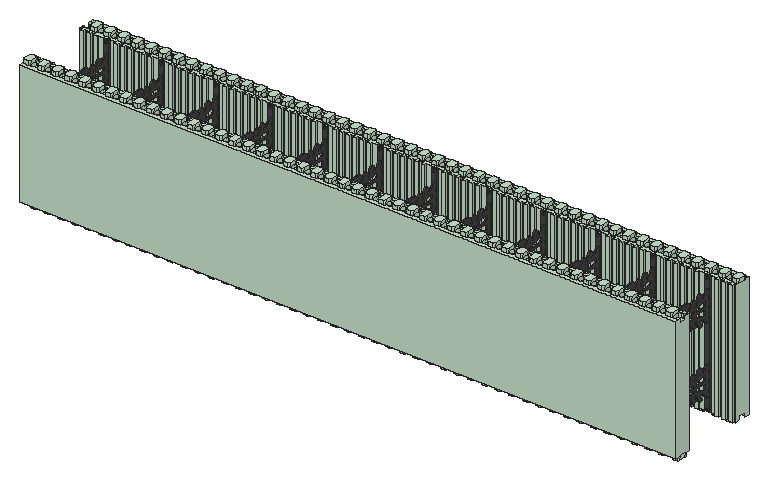
Revit family (continued)
Definition of nested family "8-inch Web"
  Forms (mm)
    Extrusion 1, solid, material "Polypropylene"
      sketch origin (0, 0, -12.7) x (0, 1, 0) y (0, 0, 1)
        loop
          arc (95.969, 373.112) -> (94.847, 373.576) -> (94.382, 374.699) r 1.588
          line (94.382, 374.699) -> (94.382, 388.288)
          arc (94.382, 388.288) -> (94.847, 389.411) -> (95.969, 389.876) r 1.588
          line (95.969, 389.876) -> (97.423, 389.876) -> (97.423, 391.654) -> (94.509, 391.654)
          arc (94.509, 391.654) -> (72.674, 386.593) -> (50.693, 382.216) r 717.627
          arc (50.693, 382.216) -> (49.199, 381.344) -> (48.61, 379.717) r 2.54
          line (48.61, 379.717) -> (48.61, 369.944)
          arc (48.61, 369.944) -> (49.353, 368.149) -> (51.148, 367.404) r 2.54
          line (51.148, 367.404) -> (80.47, 367.385)
          arc (80.47, 367.385) -> (86.338, 368.419) -> (91.877, 370.614) r 29.457
        loop
          line (94.509, 338.314) -> (97.423, 338.314) -> (97.423, 340.092) -> (95.969, 340.092)
          arc (95.969, 340.092) -> (94.847, 340.556) -> (94.382, 341.679) r 1.588
          line (94.382, 341.679) -> (94.382, 355.268)
          arc (94.382, 355.268) -> (94.847, 356.391) -> (95.969, 356.856) r 1.588
          line (95.969, 356.856) -> (97.423, 356.856) -> (97.423, 358.634) -> (94.509, 358.634)
          arc (94.509, 358.634) -> (93.148, 358.829) -> (91.877, 359.353) r 5.556
          arc (91.877, 359.353) -> (86.338, 361.548) -> (80.47, 362.582) r 29.457
          line (80.47, 362.582) -> (51.148, 362.582)
          arc (51.148, 362.582) -> (49.353, 361.818) -> (48.61, 360.023) r 2.54
          line (48.61, 360.023) -> (48.61, 350.25)
          arc (48.61, 350.25) -> (49.199, 348.623) -> (50.693, 347.751) r 2.54
          arc (50.693, 347.751) -> (72.674, 343.374) -> (94.509, 338.314) r 717.627
        loop
          line (106.299, 457.58) -> (106.299, 463.9)
          arc (106.299, 463.9) -> (106.194, 463.513) -> (105.907, 463.233) r 0.762
          line (105.907, 463.233) -> (101.611, 460.847)
          arc (101.611, 460.847) -> (101.324, 460.567) -> (101.219, 460.181) r 0.762
          line (101.219, 460.181) -> (101.219, 458.372)
          arc (101.219, 458.372) -> (101.378, 458.003) -> (101.755, 457.865) r 0.508
          line (101.755, 457.865) -> (105.763, 458.087)
          arc (105.763, 458.087) -> (106.14, 457.949) -> (106.299, 457.58) r 0.508
        loop
          arc (-106.299, 457.58) -> (-106.14, 457.949) -> (-105.763, 458.087) r 0.508
          line (-105.763, 458.087) -> (-101.755, 457.865)
          arc (-101.755, 457.865) -> (-101.378, 458.003) -> (-101.219, 458.372) r 0.508
          line (-101.219, 458.372) -> (-101.219, 460.181)
          arc (-101.219, 460.181) -> (-101.324, 460.567) -> (-101.611, 460.847) r 0.762
          line (-101.611, 460.847) -> (-105.907, 463.233)
          arc (-105.907, 463.233) -> (-106.194, 463.513) -> (-106.299, 463.9) r 0.762
          line (-106.299, 463.9) -> (-106.299, 457.58)
        loop
          arc (41.723, 380.637) -> (34.623, 379.635) -> (27.46, 379.308) r 75.792
          line (27.46, 379.308) -> (11.029, 379.308)
          arc (11.029, 379.308) -> (5.078, 373.356) -> (11.029, 367.404) r 5.952
          line (11.029, 367.404) -> (42.196, 367.404)
          arc (42.196, 367.404) -> (43.992, 368.148) -> (44.736, 369.944) r 2.54
          line (44.736, 369.944) -> (44.736, 378.141)
          arc (44.736, 378.141) -> (43.816, 380.098) -> (41.723, 380.637) r 2.54
        loop
          arc (41.723, 349.33) -> (43.816, 349.87) -> (44.736, 351.826) r 2.54
          line (44.736, 351.826) -> (44.736, 360.023)
          arc (44.736, 360.023) -> (43.992, 361.819) -> (42.196, 362.563) r 2.54
          line (42.196, 362.563) -> (11.029, 362.563)
          arc (11.029, 362.563) -> (5.078, 356.611) -> (11.029, 350.659) r 5.952
          line (11.029, 350.659) -> (27.46, 350.659)
          arc (27.46, 350.659) -> (34.623, 350.333) -> (41.723, 349.33) r 75.792
        loop
          arc (-91.877, 370.614) -> (-86.338, 368.419) -> (-80.47, 367.385) r 29.457
          line (-80.47, 367.385) -> (-51.148, 367.404)
          arc (-51.148, 367.404) -> (-49.353, 368.149) -> (-48.61, 369.944) r 2.54
          line (-48.61, 369.944) -> (-48.61, 379.717)
          arc (-48.61, 379.717) -> (-49.199, 381.344) -> (-50.693, 382.216) r 2.54
          arc (-50.693, 382.216) -> (-72.674, 386.593) -> (-94.509, 391.654) r 717.627
          line (-94.509, 391.654) -> (-97.423, 391.654) -> (-97.423, 389.876) -> (-95.969, 389.876)
          arc (-95.969, 389.876) -> (-94.847, 389.411) -> (-94.382, 388.288) r 1.588
          line (-94.382, 388.288) -> (-94.382, 374.699)
          arc (-94.382, 374.699) -> (-94.847, 373.576) -> (-95.969, 373.112) r 1.588
          line (-95.969, 373.112) -> (-97.423, 373.112) -> (-97.423, 371.334) -> (-94.509, 371.334)
          arc (-94.509, 371.334) -> (-93.148, 371.138) -> (-91.877, 370.614) r 5.556
        loop
          arc (-94.509, 338.314) -> (-72.674, 343.374) -> (-50.693, 347.751) r 717.627
          arc (-50.693, 347.751) -> (-49.199, 348.623) -> (-48.61, 350.25) r 2.54
          line (-48.61, 350.25) -> (-48.61, 360.023)
          arc (-48.61, 360.023) -> (-49.353, 361.818) -> (-51.148, 362.582) r 2.54
          line (-51.148, 362.582) -> (-80.47, 362.582)
          arc (-80.47, 362.582) -> (-86.338, 361.548) -> (-91.877, 359.353) r 29.457
          arc (-91.877, 359.353) -> (-93.148, 358.829) -> (-94.509, 358.634) r 5.556
          line (-94.509, 358.634) -> (-97.423, 358.634) -> (-97.423, 356.856) -> (-95.969, 356.856)
          arc (-95.969, 356.856) -> (-94.847, 356.391) -> (-94.382, 355.268) r 1.588
          line (-94.382, 355.268) -> (-94.382, 341.679)
          arc (-94.382, 341.679) -> (-94.847, 340.556) -> (-95.969, 340.092) r 1.588
          line (-95.969, 340.092) -> (-97.423, 340.092) -> (-97.423, 338.314) -> (-94.509, 338.314)
        loop
          arc (-41.723, 380.637) -> (-43.816, 380.098) -> (-44.736, 378.141) r 2.54
          line (-44.736, 378.141) -> (-44.736, 369.944)
          arc (-44.736, 369.944) -> (-43.992, 368.148) -> (-42.196, 367.404) r 2.54
          line (-42.196, 367.404) -> (-11.029, 367.404)
          arc (-11.029, 367.404) -> (-5.078, 373.356) -> (-11.029, 379.308) r 5.952
          line (-11.029, 379.308) -> (-27.46, 379.308)
          arc (-27.46, 379.308) -> (-34.623, 379.635) -> (-41.723, 380.637) r 75.792
        loop
          arc (-41.723, 349.33) -> (-34.623, 350.333) -> (-27.46, 350.659) r 75.792
          line (-27.46, 350.659) -> (-11.029, 350.659)
          arc (-11.029, 350.659) -> (-5.078, 356.611) -> (-11.029, 362.563) r 5.952
          line (-11.029, 362.563) -> (-42.196, 362.563)
          arc (-42.196, 362.563) -> (-43.992, 361.819) -> (-44.736, 360.023) r 2.54
          line (-44.736, 360.023) -> (-44.736, 351.826)
          arc (-44.736, 351.826) -> (-43.816, 349.87) -> (-41.723, 349.33) r 2.54
        loop
          line (102.129, 90.946) -> (99.32, 90.946) -> (99.32, 92.724) -> (104.712, 92.724)
          arc (104.712, 92.724) -> (105.834, 92.26) -> (106.299, 91.137) r 1.587
          line (106.299, 91.137) -> (106.299, 111.076)
          arc (106.299, 111.076) -> (105.834, 109.953) -> (104.712, 109.488) r 1.587
          line (104.712, 109.488) -> (99.32, 109.488) -> (99.32, 111.266) -> (102.129, 111.266) -> (102.129, 123.966) -> (99.32, 123.966) -> (99.32, 125.744) -> (104.712, 125.744)
          arc (104.712, 125.744) -> (105.834, 125.28) -> (106.299, 124.157) r 1.587
          line (106.299, 124.157) -> (106.299, 144.096)
          arc (106.299, 144.096) -> (105.834, 142.973) -> (104.712, 142.508) r 1.587
          line (104.712, 142.508) -> (99.32, 142.508) -> (99.32, 144.286) -> (102.129, 144.286) -> (102.129, 156.986) -> (99.32, 156.986) -> (99.32, 158.764) -> (104.712, 158.764)
          arc (104.712, 158.764) -> (105.834, 158.3) -> (106.299, 157.177) r 1.588
          line (106.299, 157.177) -> (106.299, 172.407) -> (104.542, 172.407)
          arc (104.542, 172.407) -> (101.901, 169.792) -> (98.615, 168.053) r 12.7
          arc (98.615, 168.053) -> (95.547, 165.733) -> (94.382, 162.066) r 6.35
          line (94.382, 162.066) -> (94.382, 160.352)
          arc (94.382, 160.352) -> (94.847, 159.229) -> (95.969, 158.764) r 1.588
          line (95.969, 158.764) -> (97.423, 158.764) -> (97.423, 156.986) -> (94.523, 156.986)
          arc (94.523, 156.986) -> (90.146, 157.611) -> (85.945, 158.987) r 25.331
          arc (85.945, 158.987) -> (83.358, 158.431) -> (82.775, 155.849) r 2.458
          arc (82.775, 155.849) -> (71.305, 147.203) -> (71.754, 161.56) r 7.964
          arc (71.754, 161.56) -> (74.867, 168.824) -> (67.603, 171.936) r 5.588
          arc (67.603, 171.936) -> (61.567, 168.057) -> (57.64, 162.051) r 17.187
          arc (57.64, 162.051) -> (55.373, 154.194) -> (54.194, 146.103) r 60.065
          arc (54.194, 146.103) -> (41.863, 139.83) -> (42.74, 153.637) r 7.964
          arc (42.74, 153.637) -> (44.734, 160.936) -> (37.571, 163.372) r 5.521
          arc (37.571, 163.372) -> (32.372, 159.475) -> (28.785, 154.058) r 19.048
          line (28.785, 154.058) -> (25.162, 144.233)
          arc (25.162, 144.233) -> (12.317, 139.962) -> (14.2, 153.366) r 7.964
          arc (14.2, 153.366) -> (18.676, 160.072) -> (13.614, 166.347) r 6.808
          arc (13.614, 166.347) -> (7.646, 167.547) -> (1.57, 167.923) r 44.552
          arc (1.57, 167.923) -> (0.785, 167.921) -> (0, 167.906) r 44.552
          arc (0, 167.906) -> (-0.785, 167.921) -> (-1.57, 167.923) r 44.552
          arc (-1.57, 167.923) -> (-7.646, 167.547) -> (-13.614, 166.347) r 44.552
          arc (-13.614, 166.347) -> (-18.676, 160.072) -> (-14.2, 153.366) r 6.808
          arc (-14.2, 153.366) -> (-12.317, 139.962) -> (-25.162, 144.233) r 7.964
          line (-25.162, 144.233) -> (-28.785, 154.058)
          arc (-28.785, 154.058) -> (-32.372, 159.475) -> (-37.571, 163.372) r 19.048
          arc (-37.571, 163.372) -> (-44.734, 160.936) -> (-42.74, 153.637) r 5.521
          arc (-42.74, 153.637) -> (-41.863, 139.83) -> (-54.194, 146.103) r 7.964
          arc (-54.194, 146.103) -> (-55.373, 154.194) -> (-57.64, 162.051) r 60.065
          arc (-57.64, 162.051) -> (-61.567, 168.057) -> (-67.603, 171.936) r 17.187
          arc (-67.603, 171.936) -> (-74.867, 168.824) -> (-71.754, 161.56) r 5.588
          arc (-71.754, 161.56) -> (-71.305, 147.203) -> (-82.775, 155.849) r 7.964
          arc (-82.775, 155.849) -> (-83.358, 158.431) -> (-85.945, 158.987) r 2.458
          arc (-85.945, 158.987) -> (-90.146, 157.611) -> (-94.523, 156.986) r 25.331
          line (-94.523, 156.986) -> (-97.423, 156.986) -> (-97.423, 158.764) -> (-95.969, 158.764)
          arc (-95.969, 158.764) -> (-94.847, 159.229) -> (-94.382, 160.352) r 1.588
          line (-94.382, 160.352) -> (-94.382, 162.066)
          arc (-94.382, 162.066) -> (-95.547, 165.733) -> (-98.615, 168.053) r 6.35
          arc (-98.615, 168.053) -> (-101.901, 169.792) -> (-104.542, 172.407) r 12.7
          line (-104.542, 172.407) -> (-106.299, 172.407) -> (-106.299, 157.177)
          arc (-106.299, 157.177) -> (-105.834, 158.3) -> (-104.712, 158.764) r 1.588
          line (-104.712, 158.764) -> (-99.32, 158.764) -> (-99.32, 156.986) -> (-102.129, 156.986) -> (-102.129, 144.286) -> (-99.32, 144.286) -> (-99.32, 142.508) -> (-104.712, 142.508)
          arc (-104.712, 142.508) -> (-105.834, 142.973) -> (-106.299, 144.096) r 1.587
          line (-106.299, 144.096) -> (-106.299, 124.157)
          arc (-106.299, 124.157) -> (-105.834, 125.28) -> (-104.712, 125.744) r 1.587
          line (-104.712, 125.744) -> (-99.32, 125.744) -> (-99.32, 123.966) -> (-102.129, 123.966) -> (-102.129, 111.266) -> (-99.32, 111.266) -> (-99.32, 109.488) -> (-104.712, 109.488)
          arc (-104.712, 109.488) -> (-105.834, 109.953) -> (-106.299, 111.076) r 1.587
          line (-106.299, 111.076) -> (-106.299, 91.137)
          arc (-106.299, 91.137) -> (-105.834, 92.26) -> (-104.712, 92.724) r 1.587
          line (-104.712, 92.724) -> (-99.32, 92.724) -> (-99.32, 90.946) -> (-102.129, 90.946) -> (-102.129, 78.247) -> (-99.32, 78.247) -> (-99.32, 76.468) -> (-105.494, 76.468)
          arc (-105.494, 76.468) -> (-105.911, 76.524) -> (-106.299, 76.687) r 1.587
          line (-106.299, 76.687) -> (-106.299, 59.596)
          arc (-106.299, 59.596) -> (-103.303, 64.245) -> (-98.615, 67.18) r 12.7
          arc (-98.615, 67.18) -> (-95.547, 69.5) -> (-94.382, 73.166) r 6.35
          line (-94.382, 73.166) -> (-94.382, 74.881)
          arc (-94.382, 74.881) -> (-94.847, 76.004) -> (-95.969, 76.468) r 1.588
          line (-95.969, 76.468) -> (-97.423, 76.468) -> (-97.423, 78.247) -> (-94.523, 78.247)
          arc (-94.523, 78.247) -> (-90.146, 77.622) -> (-85.945, 76.246) r 25.331
          arc (-85.945, 76.246) -> (-83.358, 76.802) -> (-82.775, 79.383) r 2.458
          arc (-82.775, 79.383) -> (-71.305, 88.03) -> (-71.754, 73.673) r 7.964
          arc (-71.754, 73.673) -> (-74.867, 66.409) -> (-67.603, 63.297) r 5.588
          arc (-67.603, 63.297) -> (-61.567, 67.176) -> (-57.64, 73.182) r 17.187
          arc (-57.64, 73.182) -> (-55.373, 81.039) -> (-54.194, 89.13) r 60.065
          arc (-54.194, 89.13) -> (-41.863, 95.403) -> (-42.74, 81.596) r 7.964
          arc (-42.74, 81.596) -> (-44.734, 74.297) -> (-37.571, 71.861) r 5.521
          arc (-37.571, 71.861) -> (-32.372, 75.758) -> (-28.785, 81.174) r 19.048
          line (-28.785, 81.174) -> (-25.162, 91)
          arc (-25.162, 91) -> (-12.317, 95.271) -> (-14.2, 81.867) r 7.964
          arc (-14.2, 81.867) -> (-18.676, 75.161) -> (-13.614, 68.886) r 6.808
          arc (-13.614, 68.886) -> (-7.646, 67.686) -> (-1.57, 67.31) r 44.552
          arc (-1.57, 67.31) -> (-0.785, 67.312) -> (0, 67.327) r 44.552
          arc (0, 67.327) -> (0.785, 67.312) -> (1.57, 67.31) r 44.552
          arc (1.57, 67.31) -> (7.646, 67.686) -> (13.614, 68.886) r 44.552
          arc (13.614, 68.886) -> (18.676, 75.161) -> (14.2, 81.867) r 6.808
          arc (14.2, 81.867) -> (12.317, 95.271) -> (25.162, 91) r 7.964
          line (25.162, 91) -> (28.785, 81.174)
          arc (28.785, 81.174) -> (32.372, 75.758) -> (37.571, 71.861) r 19.048
          arc (37.571, 71.861) -> (44.734, 74.297) -> (42.74, 81.596) r 5.521
          arc (42.74, 81.596) -> (41.863, 95.403) -> (54.194, 89.13) r 7.964
          arc (54.194, 89.13) -> (55.373, 81.039) -> (57.64, 73.182) r 60.065
          arc (57.64, 73.182) -> (61.567, 67.176) -> (67.603, 63.297) r 17.187
          arc (67.603, 63.297) -> (74.867, 66.409) -> (71.754, 73.673) r 5.588
          arc (71.754, 73.673) -> (71.305, 88.03) -> (82.775, 79.383) r 7.964
          arc (82.775, 79.383) -> (83.358, 76.802) -> (85.945, 76.246) r 2.458
          arc (85.945, 76.246) -> (90.146, 77.622) -> (94.523, 78.247) r 25.331
          line (94.523, 78.247) -> (97.423, 78.247) -> (97.423, 76.468) -> (95.969, 76.468)
          arc (95.969, 76.468) -> (94.847, 76.004) -> (94.382, 74.881) r 1.588
          line (94.382, 74.881) -> (94.382, 73.166)
          arc (94.382, 73.166) -> (95.547, 69.5) -> (98.615, 67.18) r 6.35
          arc (98.615, 67.18) -> (103.303, 64.245) -> (106.299, 59.596) r 12.7
          line (106.299, 59.596) -> (106.299, 76.687)
          arc (106.299, 76.687) -> (105.911, 76.524) -> (105.494, 76.468) r 1.587
          line (105.494, 76.468) -> (99.32, 76.468) -> (99.32, 78.247) -> (102.129, 78.247) -> (102.129, 90.946)
        loop
          arc (91.877, 111.986) -> (86.338, 114.181) -> (80.47, 115.215) r 29.457
          line (80.47, 115.215) -> (51.148, 115.196)
          arc (51.148, 115.196) -> (49.353, 114.451) -> (48.61, 112.656) r 2.54
          line (48.61, 112.656) -> (48.61, 102.883)
          arc (48.61, 102.883) -> (49.199, 101.256) -> (50.693, 100.384) r 2.54
          arc (50.693, 100.384) -> (72.674, 96.007) -> (94.509, 90.946) r 717.627
          line (94.509, 90.946) -> (97.423, 90.946) -> (97.423, 92.724) -> (95.969, 92.724)
          arc (95.969, 92.724) -> (94.847, 93.189) -> (94.382, 94.312) r 1.588
          line (94.382, 94.312) -> (94.382, 107.901)
          arc (94.382, 107.901) -> (94.847, 109.024) -> (95.969, 109.488) r 1.588
          line (95.969, 109.488) -> (97.423, 109.488) -> (97.423, 111.266) -> (94.509, 111.266)
          arc (94.509, 111.266) -> (93.148, 111.462) -> (91.877, 111.986) r 5.556
        loop
          arc (94.509, 144.286) -> (72.674, 139.226) -> (50.693, 134.849) r 717.627
          arc (50.693, 134.849) -> (49.199, 133.977) -> (48.61, 132.35) r 2.54
          line (48.61, 132.35) -> (48.61, 122.577)
          arc (48.61, 122.577) -> (49.353, 120.782) -> (51.148, 120.018) r 2.54
          line (51.148, 120.018) -> (80.47, 120.018)
          arc (80.47, 120.018) -> (86.338, 121.052) -> (91.877, 123.247) r 29.457
          arc (91.877, 123.247) -> (93.148, 123.771) -> (94.509, 123.966) r 5.556
          line (94.509, 123.966) -> (97.423, 123.966) -> (97.423, 125.744) -> (95.969, 125.744)
          arc (95.969, 125.744) -> (94.847, 126.209) -> (94.382, 127.332) r 1.588
          line (94.382, 127.332) -> (94.382, 140.921)
          arc (94.382, 140.921) -> (94.847, 142.044) -> (95.969, 142.508) r 1.588
          line (95.969, 142.508) -> (97.423, 142.508) -> (97.423, 144.286) -> (94.509, 144.286)
        loop
          arc (41.723, 101.963) -> (43.816, 102.502) -> (44.736, 104.459) r 2.54
          line (44.736, 104.459) -> (44.736, 112.656)
          arc (44.736, 112.656) -> (43.992, 114.452) -> (42.196, 115.196) r 2.54
          line (42.196, 115.196) -> (11.029, 115.196)
          arc (11.029, 115.196) -> (5.078, 109.244) -> (11.029, 103.292) r 5.952
          line (11.029, 103.292) -> (27.46, 103.292)
          arc (27.46, 103.292) -> (34.623, 102.965) -> (41.723, 101.963) r 75.792
        loop
          arc (41.723, 133.27) -> (34.623, 132.267) -> (27.46, 131.941) r 75.792
          line (27.46, 131.941) -> (11.029, 131.941)
          arc (11.029, 131.941) -> (5.078, 125.989) -> (11.029, 120.037) r 5.952
          line (11.029, 120.037) -> (42.196, 120.037)
          arc (42.196, 120.037) -> (43.992, 120.781) -> (44.736, 122.577) r 2.54
          line (44.736, 122.577) -> (44.736, 130.774)
          arc (44.736, 130.774) -> (43.816, 132.73) -> (41.723, 133.27) r 2.54
        loop
          arc (-91.877, 111.986) -> (-93.148, 111.462) -> (-94.509, 111.266) r 5.556
          line (-94.509, 111.266) -> (-97.423, 111.266) -> (-97.423, 109.488) -> (-95.969, 109.488)
          arc (-95.969, 109.488) -> (-94.847, 109.024) -> (-94.382, 107.901) r 1.588
          line (-94.382, 107.901) -> (-94.382, 94.312)
          arc (-94.382, 94.312) -> (-94.847, 93.189) -> (-95.969, 92.724) r 1.588
          line (-95.969, 92.724) -> (-97.423, 92.724) -> (-97.423, 90.946) -> (-94.509, 90.946)
          arc (-94.509, 90.946) -> (-72.674, 96.007) -> (-50.693, 100.384) r 717.627
          arc (-50.693, 100.384) -> (-49.199, 101.256) -> (-48.61, 102.883) r 2.54
          line (-48.61, 102.883) -> (-48.61, 112.656)
          arc (-48.61, 112.656) -> (-49.353, 114.451) -> (-51.148, 115.196) r 2.54
          line (-51.148, 115.196) -> (-80.47, 115.215)
          arc (-80.47, 115.215) -> (-86.338, 114.181) -> (-91.877, 111.986) r 29.457
        loop
          line (-94.509, 144.286) -> (-97.423, 144.286) -> (-97.423, 142.508) -> (-95.969, 142.508)
          arc (-95.969, 142.508) -> (-94.847, 142.044) -> (-94.382, 140.921) r 1.588
          line (-94.382, 140.921) -> (-94.382, 127.332)
          arc (-94.382, 127.332) -> (-94.847, 126.209) -> (-95.969, 125.744) r 1.588
          line (-95.969, 125.744) -> (-97.423, 125.744) -> (-97.423, 123.966) -> (-94.509, 123.966)
          arc (-94.509, 123.966) -> (-93.148, 123.771) -> (-91.877, 123.247) r 5.556
          arc (-91.877, 123.247) -> (-86.338, 121.052) -> (-80.47, 120.018) r 29.457
          line (-80.47, 120.018) -> (-51.148, 120.018)
          arc (-51.148, 120.018) -> (-49.353, 120.782) -> (-48.61, 122.577) r 2.54
          line (-48.61, 122.577) -> (-48.61, 132.35)
          arc (-48.61, 132.35) -> (-49.199, 133.977) -> (-50.693, 134.849) r 2.54
          arc (-50.693, 134.849) -> (-72.674, 139.226) -> (-94.509, 144.286) r 717.627
        loop
          arc (-41.723, 101.963) -> (-34.623, 102.965) -> (-27.46, 103.292) r 75.792
          line (-27.46, 103.292) -> (-11.029, 103.292)
          arc (-11.029, 103.292) -> (-5.078, 109.244) -> (-11.029, 115.196) r 5.952
          line (-11.029, 115.196) -> (-42.196, 115.196)
          arc (-42.196, 115.196) -> (-43.992, 114.452) -> (-44.736, 112.656) r 2.54
          line (-44.736, 112.656) -> (-44.736, 104.459)
          arc (-44.736, 104.459) -> (-43.816, 102.502) -> (-41.723, 101.963) r 2.54
        loop
          arc (-41.723, 133.27) -> (-43.816, 132.73) -> (-44.736, 130.774) r 2.54
          line (-44.736, 130.774) -> (-44.736, 122.577)
          arc (-44.736, 122.577) -> (-43.992, 120.781) -> (-42.196, 120.037) r 2.54
          line (-42.196, 120.037) -> (-11.029, 120.037)
          arc (-11.029, 120.037) -> (-5.078, 125.989) -> (-11.029, 131.941) r 5.952
          line (-11.029, 131.941) -> (-27.46, 131.941)
          arc (-27.46, 131.941) -> (-34.623, 132.267) -> (-41.723, 133.27) r 75.792
      from -3.175 to 3.175
    Extrusion 2, solid, material "Polypropylene"
      sketch origin (0, 0, 0) x (0, 1, 0) y (0, 0, 1)
        loop
          line (106.299, 452.438) -> (106.299, 4.762)
          arc (106.299, 4.762) -> (106.787, 3.618) -> (107.95, 3.176) r 1.588
          arc (107.95, 3.176) -> (109.113, 3.618) -> (109.601, 4.762) r 1.588
          line (109.601, 4.762) -> (109.601, 452.437)
          arc (109.601, 452.437) -> (109.113, 453.582) -> (107.95, 454.024) r 1.588
          arc (107.95, 454.024) -> (106.787, 453.582) -> (106.299, 452.438) r 1.588
        loop
          arc (-106.299, 452.438) -> (-106.787, 453.582) -> (-107.95, 454.024) r 1.588
          arc (-107.95, 454.024) -> (-109.113, 453.582) -> (-109.601, 452.437) r 1.588
          line (-109.601, 452.437) -> (-109.601, 4.762)
          arc (-109.601, 4.762) -> (-109.113, 3.618) -> (-107.95, 3.176) r 1.588
          arc (-107.95, 3.176) -> (-106.787, 3.618) -> (-106.299, 4.762) r 1.588
          line (-106.299, 4.762) -> (-106.299, 452.438)
      from -9.227 to 9.227
Definition of nested family "NUDURA Diamond Pattern"
  Reference planes
    plane 1 "Center (Front/Back)": y = 0
    plane 2: z = 0
    plane 3 "Center (Left/Right)": x = 0
    plane 4: z = 457.2
  Lines and regions (mm)
    model lines
      curve 1: line (203.2, -142.875, 457.2) -> (203.2, -142.875, 0)
      curve 2: line (152.4, -142.875, 457.2) -> (152.4, -142.875, 0)
      curve 3: line (50.8, -142.875, 457.2) -> (50.8, -142.875, 0)
      curve 4: line (85.183, -142.875, 431.415) -> (93.906, -142.875, 422.692)
      curve 5: arc (85.183, -142.875, 444.885) -> (82.394, -142.875, 438.15) -> (85.183, -142.875, 431.415) r 9.525
      curve 6: line (94.708, -142.875, 454.41) -> (85.183, -142.875, 444.885)
      curve 7: arc (108.179, -142.875, 454.41) -> (101.444, -142.875, 457.2) -> (94.708, -142.875, 454.41) r 9.525
      curve 8: line (117.704, -142.875, 444.885) -> (108.179, -142.875, 454.41)
      curve 9: arc (117.704, -142.875, 431.415) -> (120.494, -142.875, 438.15) -> (117.704, -142.875, 444.885) r 9.525
      curve 10: line (108.981, -142.875, 422.692) -> (117.704, -142.875, 431.415)
      curve 11: arc (105.934, -142.875, 452.165) -> (101.444, -142.875, 454.025) -> (96.953, -142.875, 452.165) r 6.35
      curve 12: line (115.459, -142.875, 442.64) -> (105.934, -142.875, 452.165)
      curve 13: arc (115.459, -142.875, 433.66) -> (117.319, -142.875, 438.15) -> (115.459, -142.875, 442.64) r 6.35
      curve 14: line (105.934, -142.875, 424.135) -> (115.459, -142.875, 433.66)
      curve 15: arc (96.953, -142.875, 424.135) -> (101.444, -142.875, 422.275) -> (105.934, -142.875, 424.135) r 6.35
      curve 16: line (87.428, -142.875, 433.66) -> (96.953, -142.875, 424.135)
      curve 17: arc (87.428, -142.875, 442.64) -> (85.569, -142.875, 438.15) -> (87.428, -142.875, 433.66) r 6.35
      curve 18: line (96.953, -142.875, 452.165) -> (87.428, -142.875, 442.64)
      curve 19: arc (93.906, -142.875, 415.508) -> (95.394, -142.875, 419.1) -> (93.906, -142.875, 422.692) r 5.08
      curve 20: line (117.704, -142.875, 406.785) -> (108.981, -142.875, 415.508)
      curve 21: arc (117.704, -142.875, 393.315) -> (120.494, -142.875, 400.05) -> (117.704, -142.875, 406.785) r 9.525
      curve 22: line (108.981, -142.875, 384.592) -> (117.704, -142.875, 393.315)
      curve 23: line (85.183, -142.875, 393.315) -> (93.906, -142.875, 384.592)
      curve 24: arc (85.183, -142.875, 406.785) -> (82.394, -142.875, 400.05) -> (85.183, -142.875, 393.315) r 9.525
      curve 25: line (93.906, -142.875, 415.508) -> (85.183, -142.875, 406.785)
      curve 26: arc (105.934, -142.875, 414.065) -> (101.444, -142.875, 415.925) -> (96.953, -142.875, 414.065) r 6.35
      curve 27: line (96.953, -142.875, 414.065) -> (87.428, -142.875, 404.54)
      curve 28: arc (87.428, -142.875, 404.54) -> (85.569, -142.875, 400.05) -> (87.428, -142.875, 395.56) r 6.35
      curve 29: line (87.428, -142.875, 395.56) -> (96.953, -142.875, 386.035)
      curve 30: arc (96.953, -142.875, 386.035) -> (101.444, -142.875, 384.175) -> (105.934, -142.875, 386.035) r 6.35
      curve 31: line (105.934, -142.875, 386.035) -> (115.459, -142.875, 395.56)
      curve 32: arc (115.459, -142.875, 395.56) -> (117.319, -142.875, 400.05) -> (115.459, -142.875, 404.54) r 6.35
      curve 33: line (115.459, -142.875, 404.54) -> (105.934, -142.875, 414.065)
      curve 34: arc (93.906, -142.875, 377.408) -> (95.394, -142.875, 381) -> (93.906, -142.875, 384.592) r 5.08
      curve 35: line (117.704, -142.875, 368.685) -> (108.981, -142.875, 377.408)
      curve 36: arc (117.704, -142.875, 355.215) -> (120.494, -142.875, 361.95) -> (117.704, -142.875, 368.685) r 9.525
      curve 37: line (108.981, -142.875, 346.492) -> (117.704, -142.875, 355.215)
      curve 38: line (85.183, -142.875, 355.215) -> (93.906, -142.875, 346.492)
      curve 39: arc (85.183, -142.875, 368.685) -> (82.394, -142.875, 361.95) -> (85.183, -142.875, 355.215) r 9.525
      curve 40: line (93.906, -142.875, 377.408) -> (85.183, -142.875, 368.685)
      curve 41: arc (105.934, -142.875, 375.965) -> (101.444, -142.875, 377.825) -> (96.953, -142.875, 375.965) r 6.35
      curve 42: line (96.953, -142.875, 375.965) -> (87.428, -142.875, 366.44)
      curve 43: arc (87.428, -142.875, 366.44) -> (85.569, -142.875, 361.95) -> (87.428, -142.875, 357.46) r 6.35
      curve 44: line (87.428, -142.875, 357.46) -> (96.953, -142.875, 347.935)
      curve 45: arc (96.953, -142.875, 347.935) -> (101.444, -142.875, 346.075) -> (105.934, -142.875, 347.935) r 6.35
      curve 46: line (105.934, -142.875, 347.935) -> (115.459, -142.875, 357.46)
      curve 47: arc (115.459, -142.875, 357.46) -> (117.319, -142.875, 361.95) -> (115.459, -142.875, 366.44) r 6.35
      curve 48: line (115.459, -142.875, 366.44) -> (105.934, -142.875, 375.965)
      curve 49: arc (93.906, -142.875, 339.308) -> (95.394, -142.875, 342.9) -> (93.906, -142.875, 346.492) r 5.08
      curve 50: line (117.704, -142.875, 330.585) -> (108.981, -142.875, 339.308)
      curve 51: arc (117.704, -142.875, 317.115) -> (120.494, -142.875, 323.85) -> (117.704, -142.875, 330.585) r 9.525
      curve 52: line (108.981, -142.875, 308.392) -> (117.704, -142.875, 317.115)
      curve 53: line (85.183, -142.875, 317.115) -> (93.906, -142.875, 308.392)
      curve 54: arc (85.183, -142.875, 330.585) -> (82.394, -142.875, 323.85) -> (85.183, -142.875, 317.115) r 9.525
      curve 55: line (93.906, -142.875, 339.308) -> (85.183, -142.875, 330.585)
      curve 56: arc (105.934, -142.875, 337.865) -> (101.444, -142.875, 339.725) -> (96.953, -142.875, 337.865) r 6.35
      curve 57: line (96.953, -142.875, 337.865) -> (87.428, -142.875, 328.34)
      curve 58: arc (87.428, -142.875, 328.34) -> (85.569, -142.875, 323.85) -> (87.428, -142.875, 319.36) r 6.35
      curve 59: line (87.428, -142.875, 319.36) -> (96.953, -142.875, 309.835)
      curve 60: arc (96.953, -142.875, 309.835) -> (101.444, -142.875, 307.975) -> (105.934, -142.875, 309.835) r 6.35
      curve 61: line (105.934, -142.875, 309.835) -> (115.459, -142.875, 319.36)
      curve 62: arc (115.459, -142.875, 319.36) -> (117.319, -142.875, 323.85) -> (115.459, -142.875, 328.34) r 6.35
      curve 63: line (115.459, -142.875, 328.34) -> (105.934, -142.875, 337.865)
      curve 64: arc (93.906, -142.875, 301.208) -> (95.394, -142.875, 304.8) -> (93.906, -142.875, 308.392) r 5.08
      curve 65: line (117.704, -142.875, 292.485) -> (108.981, -142.875, 301.208)
      curve 66: arc (117.704, -142.875, 279.015) -> (120.494, -142.875, 285.75) -> (117.704, -142.875, 292.485) r 9.525
      curve 67: line (108.981, -142.875, 270.292) -> (117.704, -142.875, 279.015)
      curve 68: line (85.183, -142.875, 279.015) -> (93.906, -142.875, 270.292)
      curve 69: arc (85.183, -142.875, 292.485) -> (82.394, -142.875, 285.75) -> (85.183, -142.875, 279.015) r 9.525
      curve 70: line (93.906, -142.875, 301.208) -> (85.183, -142.875, 292.485)
      curve 71: arc (105.934, -142.875, 299.765) -> (101.444, -142.875, 301.625) -> (96.953, -142.875, 299.765) r 6.35
      curve 72: line (96.953, -142.875, 299.765) -> (87.428, -142.875, 290.24)
      curve 73: arc (87.428, -142.875, 290.24) -> (85.569, -142.875, 285.75) -> (87.428, -142.875, 281.26) r 6.35
      curve 74: line (87.428, -142.875, 281.26) -> (96.953, -142.875, 271.735)
      curve 75: arc (96.953, -142.875, 271.735) -> (101.444, -142.875, 269.875) -> (105.934, -142.875, 271.735) r 6.35
      curve 76: line (105.934, -142.875, 271.735) -> (115.459, -142.875, 281.26)
      curve 77: arc (115.459, -142.875, 281.26) -> (117.319, -142.875, 285.75) -> (115.459, -142.875, 290.24) r 6.35
      curve 78: line (115.459, -142.875, 290.24) -> (105.934, -142.875, 299.765)
      curve 79: arc (93.906, -142.875, 263.108) -> (95.394, -142.875, 266.7) -> (93.906, -142.875, 270.292) r 5.08
      curve 80: line (117.704, -142.875, 254.385) -> (108.981, -142.875, 263.108)
      curve 81: arc (117.704, -142.875, 240.915) -> (120.494, -142.875, 247.65) -> (117.704, -142.875, 254.385) r 9.525
      curve 82: line (108.981, -142.875, 232.192) -> (117.704, -142.875, 240.915)
      curve 83: line (85.183, -142.875, 240.915) -> (93.906, -142.875, 232.192)
      curve 84: arc (85.183, -142.875, 254.385) -> (82.394, -142.875, 247.65) -> (85.183, -142.875, 240.915) r 9.525
      curve 85: line (93.906, -142.875, 263.108) -> (85.183, -142.875, 254.385)
      curve 86: arc (105.934, -142.875, 261.665) -> (101.444, -142.875, 263.525) -> (96.953, -142.875, 261.665) r 6.35
      curve 87: line (96.953, -142.875, 261.665) -> (87.428, -142.875, 252.14)
      curve 88: arc (87.428, -142.875, 252.14) -> (85.569, -142.875, 247.65) -> (87.428, -142.875, 243.16) r 6.35
      curve 89: line (87.428, -142.875, 243.16) -> (96.953, -142.875, 233.635)
      curve 90: arc (96.953, -142.875, 233.635) -> (101.444, -142.875, 231.775) -> (105.934, -142.875, 233.635) r 6.35
      curve 91: line (105.934, -142.875, 233.635) -> (115.459, -142.875, 243.16)
      curve 92: arc (115.459, -142.875, 243.16) -> (117.319, -142.875, 247.65) -> (115.459, -142.875, 252.14) r 6.35
      curve 93: line (115.459, -142.875, 252.14) -> (105.934, -142.875, 261.665)
      curve 94: arc (93.906, -142.875, 225.008) -> (95.394, -142.875, 228.6) -> (93.906, -142.875, 232.192) r 5.08
      curve 95: line (117.704, -142.875, 216.285) -> (108.981, -142.875, 225.008)
      curve 96: arc (117.704, -142.875, 202.815) -> (120.494, -142.875, 209.55) -> (117.704, -142.875, 216.285) r 9.525
      curve 97: line (108.981, -142.875, 194.092) -> (117.704, -142.875, 202.815)
      curve 98: line (85.183, -142.875, 202.815) -> (93.906, -142.875, 194.092)
      curve 99: arc (85.183, -142.875, 216.285) -> (82.394, -142.875, 209.55) -> (85.183, -142.875, 202.815) r 9.525
      curve 100: line (93.906, -142.875, 225.008) -> (85.183, -142.875, 216.285)
      curve 101: arc (105.934, -142.875, 223.565) -> (101.444, -142.875, 225.425) -> (96.953, -142.875, 223.565) r 6.35
      curve 102: line (96.953, -142.875, 223.565) -> (87.428, -142.875, 214.04)
      curve 103: arc (87.428, -142.875, 214.04) -> (85.569, -142.875, 209.55) -> (87.428, -142.875, 205.06) r 6.35
      curve 104: line (87.428, -142.875, 205.06) -> (96.953, -142.875, 195.535)
      curve 105: arc (96.953, -142.875, 195.535) -> (101.444, -142.875, 193.675) -> (105.934, -142.875, 195.535) r 6.35
      curve 106: line (105.934, -142.875, 195.535) -> (115.459, -142.875, 205.06)
      curve 107: arc (115.459, -142.875, 205.06) -> (117.319, -142.875, 209.55) -> (115.459, -142.875, 214.04) r 6.35
      curve 108: line (115.459, -142.875, 214.04) -> (105.934, -142.875, 223.565)
      curve 109: arc (93.906, -142.875, 186.908) -> (95.394, -142.875, 190.5) -> (93.906, -142.875, 194.092) r 5.08
      curve 110: line (117.704, -142.875, 178.185) -> (108.981, -142.875, 186.908)
      curve 111: arc (117.704, -142.875, 164.715) -> (120.494, -142.875, 171.45) -> (117.704, -142.875, 178.185) r 9.525
      curve 112: line (108.981, -142.875, 155.992) -> (117.704, -142.875, 164.715)
      curve 113: line (85.183, -142.875, 164.715) -> (93.906, -142.875, 155.992)
      curve 114: arc (85.183, -142.875, 178.185) -> (82.394, -142.875, 171.45) -> (85.183, -142.875, 164.715) r 9.525
      curve 115: line (93.906, -142.875, 186.908) -> (85.183, -142.875, 178.185)
      curve 116: arc (105.934, -142.875, 185.465) -> (101.444, -142.875, 187.325) -> (96.953, -142.875, 185.465) r 6.35
      curve 117: line (96.953, -142.875, 185.465) -> (87.428, -142.875, 175.94)
      curve 118: arc (87.428, -142.875, 175.94) -> (85.569, -142.875, 171.45) -> (87.428, -142.875, 166.96) r 6.35
      curve 119: line (87.428, -142.875, 166.96) -> (96.953, -142.875, 157.435)
      curve 120: arc (96.953, -142.875, 157.435) -> (101.444, -142.875, 155.575) -> (105.934, -142.875, 157.435) r 6.35
      curve 121: line (105.934, -142.875, 157.435) -> (115.459, -142.875, 166.96)
      curve 122: arc (115.459, -142.875, 166.96) -> (117.319, -142.875, 171.45) -> (115.459, -142.875, 175.94) r 6.35
      curve 123: line (115.459, -142.875, 175.94) -> (105.934, -142.875, 185.465)
      curve 124: arc (93.906, -142.875, 148.808) -> (95.394, -142.875, 152.4) -> (93.906, -142.875, 155.992) r 5.08
      curve 125: line (117.704, -142.875, 140.085) -> (108.981, -142.875, 148.808)
      curve 126: arc (117.704, -142.875, 126.615) -> (120.494, -142.875, 133.35) -> (117.704, -142.875, 140.085) r 9.525
      curve 127: line (108.981, -142.875, 117.892) -> (117.704, -142.875, 126.615)
      curve 128: line (85.183, -142.875, 126.615) -> (93.906, -142.875, 117.892)
      curve 129: arc (85.183, -142.875, 140.085) -> (82.394, -142.875, 133.35) -> (85.183, -142.875, 126.615) r 9.525
      curve 130: line (93.906, -142.875, 148.808) -> (85.183, -142.875, 140.085)
      curve 131: arc (105.934, -142.875, 147.365) -> (101.444, -142.875, 149.225) -> (96.953, -142.875, 147.365) r 6.35
      curve 132: line (96.953, -142.875, 147.365) -> (87.428, -142.875, 137.84)
      curve 133: arc (87.428, -142.875, 137.84) -> (85.569, -142.875, 133.35) -> (87.428, -142.875, 128.86) r 6.35
      curve 134: line (87.428, -142.875, 128.86) -> (96.953, -142.875, 119.335)
      curve 135: arc (96.953, -142.875, 119.335) -> (101.444, -142.875, 117.475) -> (105.934, -142.875, 119.335) r 6.35
      curve 136: line (105.934, -142.875, 119.335) -> (115.459, -142.875, 128.86)
      curve 137: arc (115.459, -142.875, 128.86) -> (117.319, -142.875, 133.35) -> (115.459, -142.875, 137.84) r 6.35
      curve 138: line (115.459, -142.875, 137.84) -> (105.934, -142.875, 147.365)
      curve 139: arc (93.906, -142.875, 110.708) -> (95.394, -142.875, 114.3) -> (93.906, -142.875, 117.892) r 5.08
      curve 140: line (117.704, -142.875, 101.985) -> (108.981, -142.875, 110.708)
      curve 141: arc (117.704, -142.875, 88.515) -> (120.494, -142.875, 95.25) -> (117.704, -142.875, 101.985) r 9.525
      curve 142: line (108.981, -142.875, 79.792) -> (117.704, -142.875, 88.515)
      curve 143: line (85.183, -142.875, 88.515) -> (93.906, -142.875, 79.792)
      curve 144: arc (85.183, -142.875, 101.985) -> (82.394, -142.875, 95.25) -> (85.183, -142.875, 88.515) r 9.525
      curve 145: line (93.906, -142.875, 110.708) -> (85.183, -142.875, 101.985)
      curve 146: arc (105.934, -142.875, 109.265) -> (101.444, -142.875, 111.125) -> (96.953, -142.875, 109.265) r 6.35
      curve 147: line (96.953, -142.875, 109.265) -> (87.428, -142.875, 99.74)
      curve 148: arc (87.428, -142.875, 99.74) -> (85.569, -142.875, 95.25) -> (87.428, -142.875, 90.76) r 6.35
      curve 149: line (87.428, -142.875, 90.76) -> (96.953, -142.875, 81.235)
      curve 150: arc (96.953, -142.875, 81.235) -> (101.444, -142.875, 79.375) -> (105.934, -142.875, 81.235) r 6.35
      curve 151: line (105.934, -142.875, 81.235) -> (115.459, -142.875, 90.76)
      curve 152: arc (115.459, -142.875, 90.76) -> (117.319, -142.875, 95.25) -> (115.459, -142.875, 99.74) r 6.35
      curve 153: line (115.459, -142.875, 99.74) -> (105.934, -142.875, 109.265)
      curve 154: arc (93.906, -142.875, 72.608) -> (95.394, -142.875, 76.2) -> (93.906, -142.875, 79.792) r 5.08
      curve 155: line (117.704, -142.875, 63.885) -> (108.981, -142.875, 72.608)
      curve 156: arc (117.704, -142.875, 50.415) -> (120.494, -142.875, 57.15) -> (117.704, -142.875, 63.885) r 9.525
      curve 157: line (108.981, -142.875, 41.692) -> (117.704, -142.875, 50.415)
      curve 158: line (85.183, -142.875, 50.415) -> (93.906, -142.875, 41.692)
      curve 159: arc (85.183, -142.875, 63.885) -> (82.394, -142.875, 57.15) -> (85.183, -142.875, 50.415) r 9.525
      curve 160: line (93.906, -142.875, 72.608) -> (85.183, -142.875, 63.885)
      curve 161: arc (105.934, -142.875, 71.165) -> (101.444, -142.875, 73.025) -> (96.953, -142.875, 71.165) r 6.35
      curve 162: line (96.953, -142.875, 71.165) -> (87.428, -142.875, 61.64)
      curve 163: arc (87.428, -142.875, 61.64) -> (85.569, -142.875, 57.15) -> (87.428, -142.875, 52.66) r 6.35
      curve 164: line (87.428, -142.875, 52.66) -> (96.953, -142.875, 43.135)
      curve 165: arc (96.953, -142.875, 43.135) -> (101.444, -142.875, 41.275) -> (105.934, -142.875, 43.135) r 6.35
      curve 166: line (105.934, -142.875, 43.135) -> (115.459, -142.875, 52.66)
      curve 167: arc (115.459, -142.875, 52.66) -> (117.319, -142.875, 57.15) -> (115.459, -142.875, 61.64) r 6.35
      curve 168: line (115.459, -142.875, 61.64) -> (105.934, -142.875, 71.165)
      curve 169: arc (93.906, -142.875, 34.508) -> (95.394, -142.875, 38.1) -> (93.906, -142.875, 41.692) r 5.08
      curve 170: line (93.906, -142.875, 34.508) -> (85.183, -142.875, 25.785)
      curve 171: arc (85.183, -142.875, 25.785) -> (82.394, -142.875, 19.05) -> (85.183, -142.875, 12.315) r 9.525
      curve 172: line (85.183, -142.875, 12.315) -> (94.708, -142.875, 2.79)
      curve 173: arc (94.708, -142.875, 2.79) -> (101.444, -142.875, 0) -> (108.179, -142.875, 2.79) r 9.525
      curve 174: line (108.179, -142.875, 2.79) -> (117.704, -142.875, 12.315)
      curve 175: arc (117.704, -142.875, 12.315) -> (120.494, -142.875, 19.05) -> (117.704, -142.875, 25.785) r 9.525
      curve 176: line (117.704, -142.875, 25.785) -> (108.981, -142.875, 34.508)
      curve 177: arc (108.981, -142.875, 41.692) -> (107.493, -142.875, 38.1) -> (108.981, -142.875, 34.508) r 5.08
      curve 178: arc (105.934, -142.875, 33.065) -> (101.444, -142.875, 34.925) -> (96.953, -142.875, 33.065) r 6.35
      curve 179: line (115.459, -142.875, 23.54) -> (105.934, -142.875, 33.065)
      curve 180: arc (115.459, -142.875, 14.56) -> (117.319, -142.875, 19.05) -> (115.459, -142.875, 23.54) r 6.35
      curve 181: line (105.934, -142.875, 5.035) -> (115.459, -142.875, 14.56)
      curve 182: arc (96.953, -142.875, 5.035) -> (101.444, -142.875, 3.175) -> (105.934, -142.875, 5.035) r 6.35
      curve 183: line (87.428, -142.875, 14.56) -> (96.953, -142.875, 5.035)
      curve 184: arc (87.428, -142.875, 23.54) -> (85.569, -142.875, 19.05) -> (87.428, -142.875, 14.56) r 6.35
      curve 185: line (96.953, -142.875, 33.065) -> (87.428, -142.875, 23.54)
      curve 186: arc (108.981, -142.875, 79.792) -> (107.493, -142.875, 76.2) -> (108.981, -142.875, 72.608) r 5.08
      curve 187: arc (108.981, -142.875, 117.892) -> (107.493, -142.875, 114.3) -> (108.981, -142.875, 110.708) r 5.08
      curve 188: arc (108.981, -142.875, 155.992) -> (107.493, -142.875, 152.4) -> (108.981, -142.875, 148.808) r 5.08
      curve 189: arc (108.981, -142.875, 194.092) -> (107.493, -142.875, 190.5) -> (108.981, -142.875, 186.908) r 5.08
      curve 190: arc (108.981, -142.875, 232.192) -> (107.493, -142.875, 228.6) -> (108.981, -142.875, 225.008) r 5.08
      curve 191: arc (108.981, -142.875, 270.292) -> (107.493, -142.875, 266.7) -> (108.981, -142.875, 263.108) r 5.08
      curve 192: arc (108.981, -142.875, 308.392) -> (107.493, -142.875, 304.8) -> (108.981, -142.875, 301.208) r 5.08
      curve 193: arc (108.981, -142.875, 346.492) -> (107.493, -142.875, 342.9) -> (108.981, -142.875, 339.308) r 5.08
      curve 194: arc (108.981, -142.875, 384.592) -> (107.493, -142.875, 381) -> (108.981, -142.875, 377.408) r 5.08
      curve 195: arc (108.981, -142.875, 422.692) -> (107.493, -142.875, 419.1) -> (108.981, -142.875, 415.508) r 5.08
Definition of nested family "NUDURA Logo Diamond"
  Reference planes
    plane 1 "Center (Front/Back)": y = 0
    plane 2: z = 0
    plane 3 "Center (Left/Right)": x = 0
  Lines and regions (mm)
    model lines
      curve 1: line (320.001, 0, 444.526) -> (311.021, 0, 453.507)
      curve 2: line (313.973, 0, 425.925) -> (320.001, 0, 431.954)
      curve 3: line (320.001, 0, 406.426) -> (313.973, 0, 412.455)
      curve 4: line (313.973, 0, 387.825) -> (320.001, 0, 393.854)
      curve 5: line (320.001, 0, 368.326) -> (313.973, 0, 374.355)
      curve 6: line (313.973, 0, 349.725) -> (320.001, 0, 355.754)
      curve 7: line (309.225, 0, 337.411) -> (322.887, 0, 323.749)
      curve 8: line (322.887, 0, 323.749) -> (324.683, 0, 325.545)
      curve 9: line (286.583, 0, 323.749) -> (300.245, 0, 337.411)
      curve 10: line (295.497, 0, 336.255) -> (284.787, 0, 325.545)
      curve 11: line (289.468, 0, 355.754) -> (295.497, 0, 349.725)
      curve 12: line (295.497, 0, 374.355) -> (289.468, 0, 368.326)
      curve 13: line (289.468, 0, 393.854) -> (295.497, 0, 387.825)
      curve 14: line (295.497, 0, 412.455) -> (289.468, 0, 406.426)
      curve 15: line (289.468, 0, 431.954) -> (295.497, 0, 425.925)
      curve 16: line (298.449, 0, 453.507) -> (289.468, 0, 444.526)
      curve 17: line (300.245, 0, 451.711) -> (291.265, 0, 442.73)
      curve 18: line (318.205, 0, 442.73) -> (309.225, 0, 451.711)
      curve 19: line (309.225, 0, 424.77) -> (318.205, 0, 433.75)
      curve 20: line (291.265, 0, 433.75) -> (300.245, 0, 424.77)
      curve 21: arc (289.468, 0, 444.526) -> (286.865, 0, 438.24) -> (289.468, 0, 431.954) r 8.89
      curve 22: arc (298.449, 0, 453.507) -> (304.735, 0, 456.111) -> (311.021, 0, 453.507) r 8.89
      curve 23: arc (291.265, 0, 442.73) -> (289.405, 0, 438.24) -> (291.265, 0, 433.75) r 6.35
      curve 24: arc (318.205, 0, 442.73) -> (320.065, 0, 438.24) -> (318.205, 0, 433.75) r 6.35
      curve 25: arc (309.225, 0, 424.77) -> (304.735, 0, 422.91) -> (300.245, 0, 424.77) r 6.35
      curve 26: arc (300.245, 0, 451.711) -> (304.735, 0, 453.571) -> (309.225, 0, 451.711) r 6.35
      curve 27: arc (320.001, 0, 444.526) -> (322.605, 0, 438.24) -> (320.001, 0, 431.954) r 8.89
      curve 28: arc (295.497, 0, 425.925) -> (298.287, 0, 419.19) -> (295.497, 0, 412.455) r 9.525
      curve 29: arc (313.973, 0, 425.925) -> (311.183, 0, 419.19) -> (313.973, 0, 412.455) r 9.525
      curve 30: line (313.973, 0, 387.825) -> (320.001, 0, 393.854)
      curve 31: line (289.468, 0, 393.854) -> (295.497, 0, 387.825)
      curve 32: line (300.245, 0, 413.611) -> (291.265, 0, 404.63)
      curve 33: line (318.205, 0, 404.63) -> (309.225, 0, 413.611)
      curve 34: line (309.225, 0, 386.67) -> (318.205, 0, 395.65)
      curve 35: line (291.265, 0, 395.65) -> (300.245, 0, 386.67)
      curve 36: arc (289.468, 0, 406.426) -> (286.865, 0, 400.14) -> (289.468, 0, 393.854) r 8.89
      curve 37: arc (291.265, 0, 404.63) -> (289.405, 0, 400.14) -> (291.265, 0, 395.65) r 6.35
      curve 38: arc (318.205, 0, 404.63) -> (320.065, 0, 400.14) -> (318.205, 0, 395.65) r 6.35
      curve 39: arc (309.225, 0, 386.67) -> (304.735, 0, 384.81) -> (300.245, 0, 386.67) r 6.35
      curve 40: arc (300.245, 0, 413.611) -> (304.735, 0, 415.471) -> (309.225, 0, 413.611) r 6.35
      curve 41: arc (320.001, 0, 406.426) -> (322.605, 0, 400.14) -> (320.001, 0, 393.854) r 8.89
      curve 42: line (295.497, 0, 412.455) -> (289.468, 0, 406.426)
      curve 43: line (320.001, 0, 406.426) -> (313.973, 0, 412.455)
      curve 44: arc (295.497, 0, 387.825) -> (298.287, 0, 381.09) -> (295.497, 0, 374.355) r 9.525
      curve 45: arc (313.973, 0, 387.825) -> (311.183, 0, 381.09) -> (313.973, 0, 374.355) r 9.525
      curve 46: line (313.973, 0, 349.725) -> (320.001, 0, 355.754)
      curve 47: line (289.468, 0, 355.754) -> (295.497, 0, 349.725)
      curve 48: line (300.245, 0, 375.511) -> (291.265, 0, 366.53)
      curve 49: line (318.205, 0, 366.53) -> (309.225, 0, 375.511)
      curve 50: line (309.225, 0, 348.57) -> (318.205, 0, 357.55)
      curve 51: line (291.265, 0, 357.55) -> (300.245, 0, 348.57)
      curve 52: arc (289.468, 0, 368.326) -> (286.865, 0, 362.04) -> (289.468, 0, 355.754) r 8.89
      curve 53: arc (291.265, 0, 366.53) -> (289.405, 0, 362.04) -> (291.265, 0, 357.55) r 6.35
      curve 54: arc (318.205, 0, 366.53) -> (320.065, 0, 362.04) -> (318.205, 0, 357.55) r 6.35
      curve 55: arc (309.225, 0, 348.57) -> (304.735, 0, 346.71) -> (300.245, 0, 348.57) r 6.35
      curve 56: arc (300.245, 0, 375.511) -> (304.735, 0, 377.371) -> (309.225, 0, 375.511) r 6.35
      curve 57: arc (320.001, 0, 368.326) -> (322.605, 0, 362.04) -> (320.001, 0, 355.754) r 8.89
      curve 58: line (295.497, 0, 374.355) -> (289.468, 0, 368.326)
      curve 59: arc (295.497, 0, 349.725) -> (298.287, 0, 342.99) -> (295.497, 0, 336.255) r 9.525
      curve 60: arc (313.973, 0, 349.725) -> (311.183, 0, 342.99) -> (313.973, 0, 336.255) r 9.525
      curve 61: line (324.683, 0, 325.545) -> (313.973, 0, 336.255)
      curve 62: line (284.787, 0, 325.545) -> (286.583, 0, 323.749)
      curve 63: arc (300.245, 0, 337.411) -> (304.735, 0, 339.271) -> (309.225, 0, 337.411) r 6.35
      curve 64: line (320.001, 0, 12.854) -> (311.021, 0, 3.874)
      curve 65: line (313.973, 0, 31.455) -> (320.001, 0, 25.426)
      curve 66: line (320.001, 0, 50.954) -> (313.973, 0, 44.925)
      curve 67: line (313.973, 0, 69.555) -> (320.001, 0, 63.526)
      curve 68: line (320.001, 0, 89.054) -> (313.973, 0, 83.025)
      curve 69: line (313.973, 0, 107.655) -> (320.001, 0, 101.626)
      curve 70: line (309.225, 0, 119.97) -> (322.887, 0, 133.632)
      curve 71: line (322.887, 0, 133.632) -> (324.683, 0, 131.836)
      curve 72: line (286.583, 0, 133.632) -> (300.245, 0, 119.97)
      curve 73: line (295.497, 0, 121.125) -> (284.787, 0, 131.836)
      curve 74: line (289.468, 0, 101.626) -> (295.497, 0, 107.655)
      curve 75: line (295.497, 0, 83.025) -> (289.468, 0, 89.054)
      curve 76: line (289.468, 0, 63.526) -> (295.497, 0, 69.555)
      curve 77: line (295.497, 0, 44.925) -> (289.468, 0, 50.954)
      curve 78: line (289.468, 0, 25.426) -> (295.497, 0, 31.455)
      curve 79: line (298.449, 0, 3.874) -> (289.468, 0, 12.854)
      curve 80: line (300.245, 0, 5.67) -> (291.265, 0, 14.65)
      curve 81: line (318.205, 0, 14.65) -> (309.225, 0, 5.67)
      curve 82: line (309.225, 0, 32.611) -> (318.205, 0, 23.63)
      curve 83: line (291.265, 0, 23.63) -> (300.245, 0, 32.611)
      curve 84: arc (289.468, 0, 12.854) -> (286.865, 0, 19.14) -> (289.468, 0, 25.426) r 8.89
      curve 85: arc (298.449, 0, 3.874) -> (304.735, 0, 1.27) -> (311.021, 0, 3.874) r 8.89
      curve 86: arc (291.265, 0, 14.65) -> (289.405, 0, 19.14) -> (291.265, 0, 23.63) r 6.35
      curve 87: arc (318.205, 0, 14.65) -> (320.065, 0, 19.14) -> (318.205, 0, 23.63) r 6.35
      curve 88: arc (309.225, 0, 32.611) -> (304.735, 0, 34.471) -> (300.245, 0, 32.611) r 6.35
      curve 89: arc (300.245, 0, 5.67) -> (304.735, 0, 3.81) -> (309.225, 0, 5.67) r 6.35
      curve 90: arc (320.001, 0, 12.854) -> (322.605, 0, 19.14) -> (320.001, 0, 25.426) r 8.89
      curve 91: arc (295.497, 0, 31.455) -> (298.287, 0, 38.19) -> (295.497, 0, 44.925) r 9.525
      curve 92: arc (313.973, 0, 31.455) -> (311.183, 0, 38.19) -> (313.973, 0, 44.925) r 9.525
      curve 93: line (313.973, 0, 69.555) -> (320.001, 0, 63.526)
      curve 94: line (289.468, 0, 63.526) -> (295.497, 0, 69.555)
      curve 95: line (300.245, 0, 43.77) -> (291.265, 0, 52.75)
      curve 96: line (318.205, 0, 52.75) -> (309.225, 0, 43.77)
      curve 97: line (309.225, 0, 70.711) -> (318.205, 0, 61.73)
      curve 98: line (291.265, 0, 61.73) -> (300.245, 0, 70.711)
      curve 99: arc (289.468, 0, 50.954) -> (286.865, 0, 57.24) -> (289.468, 0, 63.526) r 8.89
      curve 100: arc (291.265, 0, 52.75) -> (289.405, 0, 57.24) -> (291.265, 0, 61.73) r 6.35
      curve 101: arc (318.205, 0, 52.75) -> (320.065, 0, 57.24) -> (318.205, 0, 61.73) r 6.35
      curve 102: arc (309.225, 0, 70.711) -> (304.735, 0, 72.571) -> (300.245, 0, 70.711) r 6.35
      curve 103: arc (300.245, 0, 43.77) -> (304.735, 0, 41.91) -> (309.225, 0, 43.77) r 6.35
      curve 104: arc (320.001, 0, 50.954) -> (322.605, 0, 57.24) -> (320.001, 0, 63.526) r 8.89
      curve 105: line (295.497, 0, 44.925) -> (289.468, 0, 50.954)
      curve 106: line (320.001, 0, 50.954) -> (313.973, 0, 44.925)
      curve 107: arc (295.497, 0, 69.555) -> (298.287, 0, 76.29) -> (295.497, 0, 83.025) r 9.525
      curve 108: arc (313.973, 0, 69.555) -> (311.183, 0, 76.29) -> (313.973, 0, 83.025) r 9.525
      curve 109: line (313.973, 0, 107.655) -> (320.001, 0, 101.626)
      curve 110: line (289.468, 0, 101.626) -> (295.497, 0, 107.655)
      curve 111: line (300.245, 0, 81.87) -> (291.265, 0, 90.85)
      curve 112: line (318.205, 0, 90.85) -> (309.225, 0, 81.87)
      curve 113: line (309.225, 0, 108.811) -> (318.205, 0, 99.83)
      curve 114: line (291.265, 0, 99.83) -> (300.245, 0, 108.811)
      curve 115: arc (289.468, 0, 89.054) -> (286.865, 0, 95.34) -> (289.468, 0, 101.626) r 8.89
      curve 116: arc (291.265, 0, 90.85) -> (289.405, 0, 95.34) -> (291.265, 0, 99.83) r 6.35
      curve 117: arc (318.205, 0, 90.85) -> (320.065, 0, 95.34) -> (318.205, 0, 99.83) r 6.35
      curve 118: arc (309.225, 0, 108.811) -> (304.735, 0, 110.671) -> (300.245, 0, 108.811) r 6.35
      curve 119: arc (300.245, 0, 81.87) -> (304.735, 0, 80.01) -> (309.225, 0, 81.87) r 6.35
      curve 120: arc (320.001, 0, 89.054) -> (322.605, 0, 95.34) -> (320.001, 0, 101.626) r 8.89
      curve 121: line (295.497, 0, 83.025) -> (289.468, 0, 89.054)
      curve 122: arc (295.497, 0, 107.655) -> (298.287, 0, 114.39) -> (295.497, 0, 121.125) r 9.525
      curve 123: arc (313.973, 0, 107.655) -> (311.183, 0, 114.39) -> (313.973, 0, 121.125) r 9.525
      curve 124: line (324.683, 0, 131.836) -> (313.973, 0, 121.125)
      curve 125: line (284.787, 0, 131.836) -> (286.583, 0, 133.632)
      curve 126: arc (300.245, 0, 119.97) -> (304.735, 0, 118.11) -> (309.225, 0, 119.97) r 6.35
      curve 127: line (314.26, 0, 317.59) -> (295.21, 0, 317.59)
      curve 128: line (323.785, 0, 149.315) -> (323.785, 0, 308.065)
      curve 129: line (285.685, 0, 308.065) -> (285.685, 0, 149.315)
      curve 130: line (295.21, 0, 139.79) -> (314.26, 0, 139.79)
      curve 131: line (316.797, 0, 304.89) -> (305.798, 0, 311.24)
      curve 132: line (316.797, 0, 292.19) -> (316.797, 0, 304.89)
      curve 133: line (311.298, 0, 289.015) -> (316.797, 0, 292.19)
      curve 134: line (305.373, 0, 292.436) -> (311.298, 0, 289.015)
      curve 135: line (310.447, 0, 295.365) -> (305.373, 0, 292.436)
      curve 136: line (299.874, 0, 307.82) -> (310.447, 0, 301.715)
      curve 137: line (310.447, 0, 301.715) -> (310.447, 0, 295.365)
      curve 138: line (305.798, 0, 311.24) -> (299.874, 0, 307.82)
      curve 139: line (299.023, 0, 295.611) -> (304.097, 0, 298.54)
      curve 140: line (304.097, 0, 298.54) -> (298.172, 0, 301.961)
      curve 141: line (298.172, 0, 301.961) -> (292.673, 0, 298.786)
      curve 142: line (292.673, 0, 298.786) -> (292.673, 0, 286.086)
      curve 143: line (299.023, 0, 289.261) -> (299.023, 0, 295.611)
      curve 144: line (309.596, 0, 283.156) -> (299.023, 0, 289.261)
      curve 145: line (303.671, 0, 279.736) -> (309.596, 0, 283.156)
      curve 146: line (292.673, 0, 286.086) -> (303.671, 0, 279.736)
      curve 147: line (312.702, 0, 269.344) -> (296.768, 0, 272.912)
      curve 148: line (296.768, 0, 272.912) -> (296.768, 0, 267.036)
      curve 149: line (296.768, 0, 267.036) -> (308.089, 0, 264.517)
      curve 150: line (308.089, 0, 264.517) -> (296.768, 0, 260.949)
      curve 151: line (296.768, 0, 260.949) -> (296.768, 0, 251.084)
      curve 152: line (296.768, 0, 251.084) -> (309.138, 0, 248.314)
      curve 153: line (309.138, 0, 248.314) -> (309.138, 0, 247.516)
      curve 154: line (309.138, 0, 247.516) -> (301.281, 0, 248.991)
      curve 155: line (296.768, 0, 245.246) -> (296.768, 0, 237.71)
      curve 156: line (306.598, 0, 222.094) -> (306.598, 0, 228.599)
      curve 157: line (306.598, 0, 228.599) -> (296.768, 0, 230.786)
      curve 158: line (296.768, 0, 230.786) -> (296.768, 0, 215.343)
      curve 159: line (302.723, 0, 230.274) -> (312.702, 0, 228.039)
      curve 160: line (300.341, 0, 217.291) -> (300.341, 0, 223.486)
      curve 161: line (300.341, 0, 223.486) -> (306.598, 0, 222.094)
      curve 162: line (296.768, 0, 205.027) -> (296.768, 0, 197.49)
      curve 163: line (302.723, 0, 190.055) -> (310.162, 0, 188.389)
      curve 164: line (310.162, 0, 188.389) -> (310.162, 0, 176.633)
      curve 165: line (308.892, 0, 175.363) -> (307.868, 0, 175.363)
      curve 166: line (306.598, 0, 176.633) -> (306.598, 0, 180.004)
      curve 167: line (306.598, 0, 180.004) -> (307.868, 0, 179.719)
      curve 168: line (307.868, 0, 179.719) -> (307.868, 0, 186.3)
      curve 169: line (307.868, 0, 186.3) -> (296.768, 0, 188.785)
      curve 170: line (296.768, 0, 188.785) -> (296.768, 0, 182.205)
      curve 171: line (296.768, 0, 182.205) -> (304.058, 0, 180.572)
      curve 172: line (304.058, 0, 180.572) -> (304.058, 0, 177.654)
      curve 173: line (302.788, 0, 176.384) -> (296.768, 0, 176.384)
      curve 174: line (296.768, 0, 176.384) -> (296.768, 0, 164.003)
      curve 175: line (296.768, 0, 164.003) -> (299.284, 0, 162.219)
      curve 176: line (299.284, 0, 162.219) -> (299.284, 0, 153.715)
      curve 177: line (307.942, 0, 156.079) -> (301.824, 0, 160.418)
      curve 178: line (301.824, 0, 160.418) -> (301.824, 0, 154.409)
      curve 179: line (301.824, 0, 154.409) -> (307.942, 0, 156.079)
      curve 180: line (299.284, 0, 153.715) -> (296.768, 0, 153.028)
      curve 181: line (296.768, 0, 153.028) -> (296.768, 0, 146.14)
      curve 182: line (296.768, 0, 146.14) -> (312.702, 0, 150.491)
      curve 183: line (312.702, 0, 150.491) -> (312.702, 0, 159.713)
      curve 184: line (312.702, 0, 159.713) -> (298.767, 0, 169.594)
      curve 185: line (298.767, 0, 169.594) -> (302.342, 0, 169.594)
      curve 186: line (312.702, 0, 172.383) -> (312.702, 0, 193.945)
      curve 187: line (312.702, 0, 193.945) -> (302.326, 0, 196.268)
      curve 188: line (300.341, 0, 198.747) -> (300.341, 0, 201.381)
      curve 189: line (301.888, 0, 202.62) -> (312.702, 0, 200.199)
      curve 190: line (312.702, 0, 200.199) -> (312.702, 0, 206.628)
      curve 191: line (312.702, 0, 206.628) -> (306.843, 0, 207.728)
      curve 192: line (312.702, 0, 212.942) -> (312.702, 0, 227.241)
      curve 193: line (312.702, 0, 227.241) -> (309.138, 0, 228.034)
      curve 194: line (309.138, 0, 228.034) -> (309.138, 0, 217.291)
      curve 195: line (312.702, 0, 228.039) -> (312.702, 0, 234.164)
      curve 196: line (312.702, 0, 234.164) -> (302.326, 0, 236.488)
      curve 197: line (300.341, 0, 238.966) -> (300.341, 0, 241.6)
      curve 198: line (301.736, 0, 242.874) -> (312.702, 0, 240.418)
      curve 199: line (312.702, 0, 240.418) -> (312.702, 0, 253.611)
      curve 200: line (312.702, 0, 253.611) -> (302.429, 0, 255.912)
      curve 201: line (302.429, 0, 255.912) -> (312.702, 0, 259.27)
      curve 202: line (312.702, 0, 259.27) -> (312.702, 0, 269.344)
      curve 203: arc (296.768, 0, 245.246) -> (298.145, 0, 248.178) -> (301.281, 0, 248.991) r 3.81
      curve 204: arc (296.768, 0, 237.71) -> (298.44, 0, 232.946) -> (302.723, 0, 230.274) r 7.62
      curve 205: arc (300.842, 0, 208.826) -> (297.87, 0, 211.5) -> (296.768, 0, 215.343) r 7.251
      curve 206: arc (296.768, 0, 205.027) -> (297.979, 0, 207.812) -> (300.842, 0, 208.826) r 3.808
      curve 207: arc (296.768, 0, 197.49) -> (298.44, 0, 192.727) -> (302.723, 0, 190.055) r 7.62
      curve 208: arc (300.341, 0, 198.747) -> (300.898, 0, 197.159) -> (302.326, 0, 196.268) r 2.54
